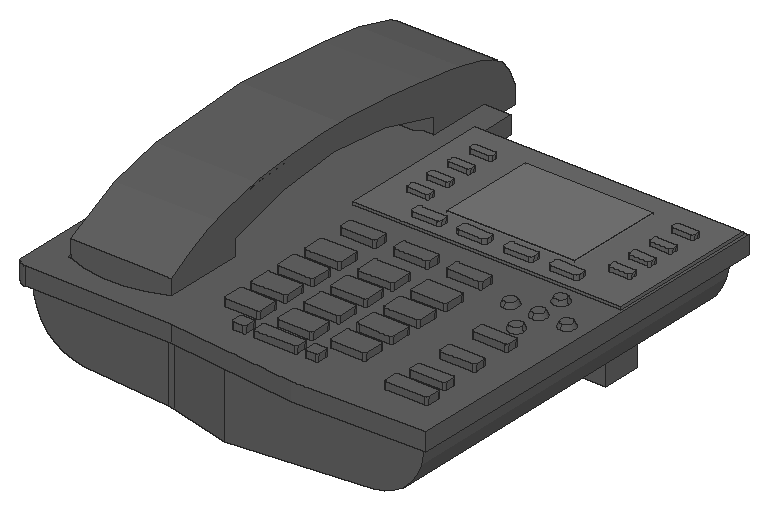
Revit family "STI-100 IP телефон_RV17_LOD400", category Телефонные устройства, Revit 2017
Family settings
  Сохранять ориентацию аннотаций = Нет
  Размер круглого соединителя = Использовать диаметр
  Тип детали = Нормальный
  На основе рабочей плоскости = Нет
  Всегда вертикально = Нет
  При загрузке вырезать с полостями = Нет
  Общий = Нет
  Точка расчета площади = Нет
Parameters (values of type "STI-100 IP телефон")
  Смещение_УГО_Y [instance] = 0 mm
  Смещение_УГО_X [instance] = 0 mm
  Сигнальные, медиа и сетевые протоколы (8) = "IP/TCP/UDP/ARP/ICMP"
  Сигнальные, медиа и сетевые протоколы (7) = "TFTP/FTP/HTTP для автоконфигурирования"
  Сигнальные, медиа и сетевые протоколы (6) = "DNS и DNS SRV"
  Сигнальные, медиа и сетевые протоколы (5) = "SNTP"
  Сигнальные, медиа и сетевые протоколы (4) = "STUN, static port mapping (для NAT traversal)"
  Сигнальные, медиа и сетевые протоколы (3) = "Назначение IP-адреса: статический IP-адрес, DHCP и РРРоЕ"
  Сигнальные, медиа и сетевые протоколы (2) = "RTP RFC 1889"
  Сигнальные, медиа и сетевые протоколы (1) = "SIP RFC 2327"
  Сигнальные, медиа и сетевые протоколы = "SIP RFC 3261"
  Сетевой интерфейс (3) = "Разъем для подключения модуля расширения"
  Сетевой интерфейс (2) = "Разъем для подключения гарнитуры"
  Сетевой интерфейс (1) = "Порт LAN 10/100Base-TX для подключения к ПК"
  Сетевой интерфейс = "Порт WAN 10/100Base-TX для подключения к сети Интернет/PoE-коммутатору"
  Раздел проекта [instance] = ""
  Раздел Спецификации [instance] = ""
  Потребляемая мощность, не более, Вт (1) = "4,3 (в режиме разговора)"
  Потребляемая мощность, не более, Вт = "1,3 (в режиме ожидания)"
  Напряжение электропитания (1) = "по кабелю Ethernet (PoE) 802.3af (класс 1)"
  Напряжение электропитания = "5В постоянного тока"
  Клавиатура (5) = "8 клавиш DSS"
  Клавиатура (4) = "4 клавиши для навигации"
  Клавиатура (2) = "4 программируемые клавиши"
  Клавиатура (1) = "11 функциональных клавиш"
  Клавиатура = "12 цифровых клавиш"
  Дополнительные функции звонков (9) = "Функция «Не беспокоить»"
  Дополнительные функции звонков (8) = "Индикация ожидания сообщения"
  Дополнительные функции звонков (7) = "Анонимный вызов / блокировка анонимного вызова"
  Дополнительные функции звонков (6) = "Трехсторонняя конференция"
  Дополнительные функции звонков (5) = "Индикация ожидания вызова"
  Дополнительные функции звонков (4) = "Ожидание вызова"
  Дополнительные функции звонков (3) = "Перевод вызова (несопровождаемый, сопровождаемый и с ранним сопровождением)"
  Дополнительные функции звонков (20) = "Action URL / Active URI"
  Дополнительные функции звонков (2) = "Перевод вызова (несопровождаемый, сопровождаемый и с ранним сопровождением)"
  Дополнительные функции звонков (19) = "Перехват вызова (Call Pickup)"
  Дополнительные функции звонков (18) = "Интерком"
  Дополнительные функции звонков (17) = "BLF/Presence"
  Дополнительные функции звонков (16) = "Горячая линия"
  Дополнительные функции звонков (15) = "Запрет определенных исходящих вызовов"
  Дополнительные функции звонков (14) = "Автоматический повторный набор номера"
  Дополнительные функции звонков (13) = "Автоматическое завершение вызова"
  Дополнительные функции звонков (12) = "Limit list"
  Дополнительные функции звонков (11) = "Черный список"
  Дополнительные функции звонков (10) = "Автоответ"
  Дополнительные функции звонков (1) = "Функция Call mute"
  Дополнительные функции звонков = "Удержание вызова / Возобновление вызова"
  Дисплей (1) = "Разрешение: 320 х 240 пикселей"
  Дисплей = "Цветной ЖК-дисплей с активной матрицей"
  Диапазон рабочих температур, °C = "от +5 до +50"
  Голосовые функции (6) = "Поддержка HD Voice"
  Голосовые функции (5) = "Маскирование потери пакетов"
  Голосовые функции (4) = "Передатчик DTMF"
  Голосовые функции (3) = "Jitter-буфер"
  Голосовые функции (2) = "Генерация фонового шума"
  Голосовые функции (1) = "Акустическое подавление эха. Обнаружение голосовой активности"
  Голосовые функции = "Подавление пауз"
  Видимость_УГО [instance] = yes
  В_Смещение_УГО_Y [instance] = Смещение_УГО_Y + 2000 mm  # 2000 mm
  В_Смещение_УГО_X [instance] = Смещение_УГО_X + 2000 mm  # 2000 mm
  Аудио кодеки (2) = "G.723.1; G.726-32; G.722"
  Аудио кодеки (1) = "G.729A/B (8 Кбит/с)"
  Аудио кодеки = "G.711a/u (64 Кбит/с)"
  d_короба = 20 mm
  QoS (1) = "Diffserv (DSCP)/ToS"
  QoS = "IEEE 802.1Q\r\nIEEE 802.1Q и IEEE 802.1p"
  ADSK_Размер_Ширина = 188 mm
  ADSK_Размер_Длина = 195 mm
  ADSK_Размер_Высота = 51 mm
  ADSK_Примечание = ""
  ADSK_Наименование = "IP телефон STI-100"
  ADSK_Масса = 0.51
  ADSK_Марка = "СТВФ.431295.005-02"
  ADSK_Количество = 1
  ADSK_Завод-изготовитель = "ООО «Основа Безопасности»"  # constant formula
  ADSK_Единица измерения = "шт."  # constant formula
  ADSK_URL страницы изделия = "https://stilsoft.ru/products/sti-100"
  ADSK_URL документации изделия = ""
Reference planes
  plane 1 "По центру (Вперед/Назад)": y = 0
  plane 2: z = 0
  plane 3 "По центру (Влево/Вправо)": x = 0
  plane 4: y = 2000
  plane 5: x = -2000
  plane 6: x = 0
  plane 7: y = 0
  plane 8: y = 195
  plane 9: z = 51
  plane 10: x = 94
  plane 11: x = -94
  plane 12 "1": z = 11
Forms (mm)
  Extrusion 1, solid, material "корпус телефона", detail levels medium+fine
    sketch origin (0, 0, 0) x (1, 0, 0) y (0, 0, 1)
      loop
        arc (-89.283, 40) -> (-83.402, 22.12) -> (-66.619, 13.598) r 24.658
        line (-66.619, 13.598) -> (-0.159, 8.772) -> (66.616, 13.626)
        arc (66.616, 13.626) -> (83.389, 22.137) -> (89.281, 40) r 24.658
        line (89.281, 40) -> (-89.283, 40)
    from -5 to -190
  Extrusion 2, solid, material "корпус телефона", detail levels medium+fine
    sketch origin (0, 0, 0) x (1, 0, 0) y (0, 1, 0)
      loop
        line (-36.5, 195) -> (-36.5, 175)
        arc (-36.5, 175) -> (-39.429, 167.929) -> (-46.5, 165) r 10
        line (-46.5, 165) -> (-71.5, 165)
        arc (-71.5, 165) -> (-78.571, 167.929) -> (-81.5, 175) r 10
        line (-81.5, 175) -> (-81.5, 195) -> (-89, 195)
        arc (-89, 195) -> (-92.536, 193.536) -> (-94, 190) r 5
        line (-94, 190) -> (-94, 10)
        arc (-94, 10) -> (-92.536, 6.464) -> (-89, 5) r 5
        line (-89, 5) -> (-24, 5)
        arc (-24, 5) -> (34.848, -1.077) -> (94, 0) r 488.795
        line (94, 0) -> (94, 180) -> (-24, 180) -> (-24, 195) -> (-36.5, 195)
    from 40 to 48
  Extrusion 3, void
    sketch origin (0, 0, 0) x (1, 0, 0) y (0, 1, 0)
      loop
        line (-94, 5) -> (-94, 0) -> (0, 0) -> (0, 5)
        arc (0, 5) -> (-13.567, 6.891) -> (-26.907, 10) r 151.538
        line (-26.907, 10) -> (-29.091, 10) -> (-94, 10) -> (-94, 5)
    from 4.486 to 40
  Extrusion 4, void
    sketch origin (0, 0, 11) x (0, -1, 0) y (1, 0, 0)
      loop
        line (-195, -29) -> (-190, -29) -> (-175, -29) -> (-175, 94) -> (-195, 94) -> (-195, -29)
    from -4.021 to 29
  Extrusion 5, void
    sketch origin (0, 0, 0) x (1, 0, 0) y (0, 0, 1)
      loop
        line (67.5, 6.077) -> (67.5, 21) -> (0, 15.095) -> (-67.5, 21) -> (-67.5, 6.077) -> (67.5, 6.077)
    from -51 to -121
  Extrusion 6, solid, material "корпус телефона", detail levels medium+fine
    sketch origin (0, 0, 11) x (0, -1, 0) y (1, 0, 0)
      loop
        line (-148.27, -69.415) -> (-131.27, -69.415) -> (-131.27, -52.415) -> (-148.27, -52.415) -> (-148.27, -69.415)
      loop
        line (-148.27, 69.415) -> (-148.27, 52.415) -> (-131.27, 52.415) -> (-131.27, 69.415) -> (-148.27, 69.415)
      loop
        line (-42.093, -71.242) -> (-32.093, -71.242) -> (-32.093, -66.242) -> (-42.093, -66.242) -> (-42.093, -71.242)
    from -11 to 13.12
  Extrusion 7, void
    sketch origin (0, 0, 11) x (0, -1, 0) y (1, 0, 0)
      loop
        line (-48.2, 0) -> (-48.2, -47.54) -> (-23.2, -47.54) -> (-23.2, 47.46) -> (-48.2, 47.46) -> (-48.2, 0)
    from -4.923 to 9.255
  Extrusion 8, void
    sketch origin (0, 0, 11) x (0, -1, 0) y (1, 0, 0)
      loop
        line (-32.709, -40.35) -> (-32.709, -38.39) -> (-31.137, -38.39) -> (-31.137, -35.438) -> (-29.489, -35.438) -> (-29.489, -33.703) -> (-29.489, -31.968) -> (-31.137, -31.968) -> (-31.137, -29.307) -> (-32.709, -29.307) -> (-32.709, -27.002) -> (-39.688, -27.002) -> (-39.688, -29.307) -> (-41.438, -29.307) -> (-41.438, -37.961) -> (-39.688, -37.961) -> (-39.688, -40.35) -> (-32.709, -40.35)
      loop
        line (-32.709, -2.072) -> (-32.709, -0.112) -> (-31.137, -0.112) -> (-31.137, 2.84) -> (-29.489, 2.84) -> (-29.489, 4.575) -> (-29.489, 6.31) -> (-31.137, 6.31) -> (-31.137, 8.971) -> (-32.709, 8.971) -> (-32.709, 11.277) -> (-39.688, 11.277) -> (-39.688, 8.971) -> (-41.438, 8.971) -> (-41.438, 0.317) -> (-39.688, 0.317) -> (-39.688, -2.072) -> (-32.709, -2.072)
      loop
        line (-32.709, 17.928) -> (-32.709, 19.888) -> (-31.137, 19.888) -> (-31.137, 22.84) -> (-29.489, 22.84) -> (-29.489, 24.575) -> (-29.489, 26.31) -> (-31.137, 26.31) -> (-31.137, 28.971) -> (-32.709, 28.971) -> (-32.709, 31.277) -> (-39.688, 31.277) -> (-39.688, 28.971) -> (-41.438, 28.971) -> (-41.438, 20.317) -> (-39.688, 20.317) -> (-39.688, 17.928) -> (-32.709, 17.928)
      loop
        circle (-35.694, -15.58) r 3.155
      loop
        circle (-35.694, -15.58) r 0.89
    from -4.923 to 13.12
  Extrusion 9, void, detail levels medium+fine
    sketch origin (0, 0, 11) x (0, -1, 0) y (1, 0, 0)
      loop
        arc (-20, -81.5) -> (-15, -59) -> (-20, -36.5) r 53.125
        spline (-20, -36.5) -> (-30.314, -36.735) -> (-39.697, -40.66) -> (-47.499, -45.349) -> (-53.027, -49.512) -> (-56.048, -53.396) -> (-56.871, -58.618) -> (-55.412, -64.031) -> (-51.582, -68.686) -> (-45.581, -73.603) -> (-38.008, -78.48) -> (-29.649, -81.793) -> (-20, -81.5)
    from 33 to 41
  Extrusion 10, solid, material "корпус телефона", detail levels medium+fine
    sketch origin (0, 5, 11) x (0, -1, 0) y (1, 0, 0)
      loop
        line (-30.295, -17.65) -> (-22.207, -17.65)
        arc (-22.207, -17.65) -> (-21.531, -17.37) -> (-21.251, -16.694) r 0.956
        line (-21.251, -16.694) -> (-21.251, -2.607)
        arc (-21.251, -2.607) -> (-21.531, -1.93) -> (-22.207, -1.65) r 0.956
        line (-22.207, -1.65) -> (-30.295, -1.65)
        arc (-30.295, -1.65) -> (-30.971, -1.93) -> (-31.251, -2.607) r 0.956
        line (-31.251, -2.607) -> (-31.251, -16.694)
        arc (-31.251, -16.694) -> (-30.971, -17.37) -> (-30.295, -17.65) r 0.956
      loop
        line (-45.295, -17.65) -> (-37.207, -17.65)
        arc (-37.207, -17.65) -> (-36.531, -17.37) -> (-36.251, -16.694) r 0.956
        line (-36.251, -16.694) -> (-36.251, -2.607)
        arc (-36.251, -2.607) -> (-36.531, -1.93) -> (-37.207, -1.65) r 0.956
        line (-37.207, -1.65) -> (-45.295, -1.65)
        arc (-45.295, -1.65) -> (-45.971, -1.93) -> (-46.251, -2.607) r 0.956
        line (-46.251, -2.607) -> (-46.251, -16.694)
        arc (-46.251, -16.694) -> (-45.971, -17.37) -> (-45.295, -17.65) r 0.956
      loop
        line (-60.295, -17.65) -> (-52.207, -17.65)
        arc (-52.207, -17.65) -> (-51.531, -17.37) -> (-51.251, -16.694) r 0.956
        line (-51.251, -16.694) -> (-51.251, -2.607)
        arc (-51.251, -2.607) -> (-51.531, -1.93) -> (-52.207, -1.65) r 0.956
        line (-52.207, -1.65) -> (-60.295, -1.65)
        arc (-60.295, -1.65) -> (-60.971, -1.93) -> (-61.251, -2.607) r 0.956
        line (-61.251, -2.607) -> (-61.251, -16.694)
        arc (-61.251, -16.694) -> (-60.971, -17.37) -> (-60.295, -17.65) r 0.956
      loop
        line (-75.295, -17.65) -> (-67.207, -17.65)
        arc (-67.207, -17.65) -> (-66.531, -17.37) -> (-66.251, -16.694) r 0.956
        line (-66.251, -16.694) -> (-66.251, -2.607)
        arc (-66.251, -2.607) -> (-66.531, -1.93) -> (-67.207, -1.65) r 0.956
        line (-67.207, -1.65) -> (-75.295, -1.65)
        arc (-75.295, -1.65) -> (-75.971, -1.93) -> (-76.251, -2.607) r 0.956
        line (-76.251, -2.607) -> (-76.251, -16.694)
        arc (-76.251, -16.694) -> (-75.971, -17.37) -> (-75.295, -17.65) r 0.956
      loop
        line (-30.295, 6.037) -> (-22.207, 6.037)
        arc (-22.207, 6.037) -> (-21.531, 6.317) -> (-21.251, 6.993) r 0.956
        line (-21.251, 6.993) -> (-21.251, 21.081)
        arc (-21.251, 21.081) -> (-21.531, 21.757) -> (-22.207, 22.037) r 0.956
        line (-22.207, 22.037) -> (-30.295, 22.037)
        arc (-30.295, 22.037) -> (-30.971, 21.757) -> (-31.251, 21.081) r 0.956
        line (-31.251, 21.081) -> (-31.251, 6.993)
        arc (-31.251, 6.993) -> (-30.971, 6.317) -> (-30.295, 6.037) r 0.956
      loop
        line (-45.295, 6.037) -> (-37.207, 6.037)
        arc (-37.207, 6.037) -> (-36.531, 6.317) -> (-36.251, 6.993) r 0.956
        line (-36.251, 6.993) -> (-36.251, 21.081)
        arc (-36.251, 21.081) -> (-36.531, 21.757) -> (-37.207, 22.037) r 0.956
        line (-37.207, 22.037) -> (-45.295, 22.037)
        arc (-45.295, 22.037) -> (-45.971, 21.757) -> (-46.251, 21.081) r 0.956
        line (-46.251, 21.081) -> (-46.251, 6.993)
        arc (-46.251, 6.993) -> (-45.971, 6.317) -> (-45.295, 6.037) r 0.956
      loop
        line (-60.295, 6.037) -> (-52.207, 6.037)
        arc (-52.207, 6.037) -> (-51.531, 6.317) -> (-51.251, 6.993) r 0.956
        line (-51.251, 6.993) -> (-51.251, 21.081)
        arc (-51.251, 21.081) -> (-51.531, 21.757) -> (-52.207, 22.037) r 0.956
        line (-52.207, 22.037) -> (-60.295, 22.037)
        arc (-60.295, 22.037) -> (-60.971, 21.757) -> (-61.251, 21.081) r 0.956
        line (-61.251, 21.081) -> (-61.251, 6.993)
        arc (-61.251, 6.993) -> (-60.971, 6.317) -> (-60.295, 6.037) r 0.956
      loop
        line (-75.295, 6.037) -> (-67.207, 6.037)
        arc (-67.207, 6.037) -> (-66.531, 6.317) -> (-66.251, 6.993) r 0.956
        line (-66.251, 6.993) -> (-66.251, 21.081)
        arc (-66.251, 21.081) -> (-66.531, 21.757) -> (-67.207, 22.037) r 0.956
        line (-67.207, 22.037) -> (-75.295, 22.037)
        arc (-75.295, 22.037) -> (-75.971, 21.757) -> (-76.251, 21.081) r 0.956
        line (-76.251, 21.081) -> (-76.251, 6.993)
        arc (-76.251, 6.993) -> (-75.971, 6.317) -> (-75.295, 6.037) r 0.956
      loop
        line (-30.295, 29.738) -> (-22.207, 29.738)
        arc (-22.207, 29.738) -> (-21.531, 30.018) -> (-21.251, 30.694) r 0.956
        line (-21.251, 30.694) -> (-21.251, 44.782)
        arc (-21.251, 44.782) -> (-21.531, 45.458) -> (-22.207, 45.738) r 0.956
        line (-22.207, 45.738) -> (-30.295, 45.738)
        arc (-30.295, 45.738) -> (-30.971, 45.458) -> (-31.251, 44.782) r 0.956
        line (-31.251, 44.782) -> (-31.251, 30.694)
        arc (-31.251, 30.694) -> (-30.971, 30.018) -> (-30.295, 29.738) r 0.956
      loop
        line (-45.295, 29.738) -> (-37.207, 29.738)
        arc (-37.207, 29.738) -> (-36.531, 30.018) -> (-36.251, 30.694) r 0.956
        line (-36.251, 30.694) -> (-36.251, 44.782)
        arc (-36.251, 44.782) -> (-36.531, 45.458) -> (-37.207, 45.738) r 0.956
        line (-37.207, 45.738) -> (-45.295, 45.738)
        arc (-45.295, 45.738) -> (-45.971, 45.458) -> (-46.251, 44.782) r 0.956
        line (-46.251, 44.782) -> (-46.251, 30.694)
        arc (-46.251, 30.694) -> (-45.971, 30.018) -> (-45.295, 29.738) r 0.956
      loop
        line (-60.295, 29.738) -> (-52.207, 29.738)
        arc (-52.207, 29.738) -> (-51.531, 30.018) -> (-51.251, 30.694) r 0.956
        line (-51.251, 30.694) -> (-51.251, 44.782)
        arc (-51.251, 44.782) -> (-51.531, 45.458) -> (-52.207, 45.738) r 0.956
        line (-52.207, 45.738) -> (-60.295, 45.738)
        arc (-60.295, 45.738) -> (-60.971, 45.458) -> (-61.251, 44.782) r 0.956
        line (-61.251, 44.782) -> (-61.251, 30.694)
        arc (-61.251, 30.694) -> (-60.971, 30.018) -> (-60.295, 29.738) r 0.956
      loop
        line (-75.295, 29.738) -> (-67.207, 29.738)
        arc (-67.207, 29.738) -> (-66.531, 30.018) -> (-66.251, 30.694) r 0.956
        line (-66.251, 30.694) -> (-66.251, 44.782)
        arc (-66.251, 44.782) -> (-66.531, 45.458) -> (-67.207, 45.738) r 0.956
        line (-67.207, 45.738) -> (-75.295, 45.738)
        arc (-75.295, 45.738) -> (-75.971, 45.458) -> (-76.251, 44.782) r 0.956
        line (-76.251, 44.782) -> (-76.251, 30.694)
        arc (-76.251, 30.694) -> (-75.971, 30.018) -> (-75.295, 29.738) r 0.956
      loop
        line (-91.548, -17.65) -> (-87.174, -17.65)
        arc (-87.174, -17.65) -> (-86.498, -17.37) -> (-86.217, -16.694) r 0.956
        line (-86.217, -16.694) -> (-86.217, -2.607)
        arc (-86.217, -2.607) -> (-86.498, -1.93) -> (-87.174, -1.65) r 0.956
        line (-87.174, -1.65) -> (-91.548, -1.65)
        arc (-91.548, -1.65) -> (-92.224, -1.93) -> (-92.504, -2.607) r 0.956
        line (-92.504, -2.607) -> (-92.504, -16.694)
        arc (-92.504, -16.694) -> (-92.224, -17.37) -> (-91.548, -17.65) r 0.956
      loop
        line (-91.548, 6.037) -> (-87.174, 6.037)
        arc (-87.174, 6.037) -> (-86.498, 6.317) -> (-86.217, 6.993) r 0.956
        line (-86.217, 6.993) -> (-86.217, 21.081)
        arc (-86.217, 21.081) -> (-86.498, 21.757) -> (-87.174, 22.037) r 0.956
        line (-87.174, 22.037) -> (-91.548, 22.037)
        arc (-91.548, 22.037) -> (-92.224, 21.757) -> (-92.504, 21.081) r 0.956
        line (-92.504, 21.081) -> (-92.504, 6.993)
        arc (-92.504, 6.993) -> (-92.224, 6.317) -> (-91.548, 6.037) r 0.956
      loop
        line (-91.548, 29.738) -> (-87.174, 29.738)
        arc (-87.174, 29.738) -> (-86.498, 30.018) -> (-86.217, 30.694) r 0.956
        line (-86.217, 30.694) -> (-86.217, 44.782)
        arc (-86.217, 44.782) -> (-86.498, 45.458) -> (-87.174, 45.738) r 0.956
        line (-87.174, 45.738) -> (-91.548, 45.738)
        arc (-91.548, 45.738) -> (-92.224, 45.458) -> (-92.504, 44.782) r 0.956
        line (-92.504, 44.782) -> (-92.504, 30.694)
        arc (-92.504, 30.694) -> (-92.224, 30.018) -> (-91.548, 29.738) r 0.956
      loop
        line (-15.036, 4.546) -> (-11.142, 4.546)
        arc (-11.142, 4.546) -> (-10.466, 4.826) -> (-10.186, 5.502) r 0.956
        line (-10.186, 5.502) -> (-10.186, 22.944)
        arc (-10.186, 22.944) -> (-10.466, 23.62) -> (-11.142, 23.9) r 0.956
        line (-11.142, 23.9) -> (-15.036, 23.9)
        arc (-15.036, 23.9) -> (-15.712, 23.62) -> (-15.992, 22.944) r 0.956
        line (-15.992, 22.944) -> (-15.992, 5.502)
        arc (-15.992, 5.502) -> (-15.712, 4.826) -> (-15.036, 4.546) r 0.956
      loop
        line (-15.036, -5.108) -> (-11.142, -5.108)
        arc (-11.142, -5.108) -> (-10.466, -4.828) -> (-10.186, -4.152) r 0.956
        line (-10.186, -4.152) -> (-10.186, 0.071)
        arc (-10.186, 0.071) -> (-10.466, 0.747) -> (-11.142, 1.027) r 0.956
        line (-11.142, 1.027) -> (-15.036, 1.027)
        arc (-15.036, 1.027) -> (-15.712, 0.747) -> (-15.992, 0.071) r 0.956
        line (-15.992, 0.071) -> (-15.992, -4.152)
        arc (-15.992, -4.152) -> (-15.712, -4.828) -> (-15.036, -5.108) r 0.956
      loop
        arc (-15.036, 33.317) -> (-15.712, 33.037) -> (-15.992, 32.361) r 0.956
        line (-15.992, 32.361) -> (-15.992, 28.375)
        arc (-15.992, 28.375) -> (-15.712, 27.699) -> (-15.036, 27.419) r 0.956
        line (-15.036, 27.419) -> (-11.142, 27.419)
        arc (-11.142, 27.419) -> (-10.466, 27.699) -> (-10.186, 28.375) r 0.956
        line (-10.186, 28.375) -> (-10.186, 32.361)
        arc (-10.186, 32.361) -> (-10.466, 33.037) -> (-11.142, 33.317) r 0.956
        line (-11.142, 33.317) -> (-15.036, 33.317)
      loop
        line (-16.326, 63.058) -> (-11.142, 63.058)
        arc (-11.142, 63.058) -> (-10.466, 63.338) -> (-10.186, 64.014) r 0.956
        line (-10.186, 64.014) -> (-10.186, 81.455)
        arc (-10.186, 81.455) -> (-10.466, 82.131) -> (-11.142, 82.411) r 0.956
        line (-11.142, 82.411) -> (-16.326, 82.411)
        arc (-16.326, 82.411) -> (-17.002, 82.131) -> (-17.282, 81.455) r 0.956
        line (-17.282, 81.455) -> (-17.282, 64.014)
        arc (-17.282, 64.014) -> (-17.002, 63.338) -> (-16.326, 63.058) r 0.956
      loop
        arc (-27.001, 80.617) -> (-27.677, 80.337) -> (-27.957, 79.661) r 0.956
        line (-27.957, 79.661) -> (-27.957, 65.44)
        arc (-27.957, 65.44) -> (-27.677, 64.764) -> (-27.001, 64.484) r 0.956
        line (-27.001, 64.484) -> (-23.107, 64.484)
        arc (-23.107, 64.484) -> (-22.431, 64.764) -> (-22.151, 65.44) r 0.956
        line (-22.151, 65.44) -> (-22.151, 79.661)
        arc (-22.151, 79.661) -> (-22.431, 80.337) -> (-23.107, 80.617) r 0.956
        line (-23.107, 80.617) -> (-27.001, 80.617)
      loop
        arc (-43.928, 80.617) -> (-44.604, 80.337) -> (-44.885, 79.661) r 0.956
        line (-44.885, 79.661) -> (-44.885, 65.44)
        arc (-44.885, 65.44) -> (-44.604, 64.764) -> (-43.928, 64.484) r 0.956
        line (-43.928, 64.484) -> (-40.034, 64.484)
        arc (-40.034, 64.484) -> (-39.358, 64.764) -> (-39.078, 65.44) r 0.956
        line (-39.078, 65.44) -> (-39.078, 79.661)
        arc (-39.078, 79.661) -> (-39.358, 80.337) -> (-40.034, 80.617) r 0.956
        line (-40.034, 80.617) -> (-43.928, 80.617)
      loop
        arc (-62.001, 80.617) -> (-62.677, 80.337) -> (-62.957, 79.661) r 0.956
        line (-62.957, 79.661) -> (-62.957, 65.44)
        arc (-62.957, 65.44) -> (-62.677, 64.764) -> (-62.001, 64.484) r 0.956
        line (-62.001, 64.484) -> (-58.107, 64.484)
        arc (-58.107, 64.484) -> (-57.431, 64.764) -> (-57.151, 65.44) r 0.956
        line (-57.151, 65.44) -> (-57.151, 79.661)
        arc (-57.151, 79.661) -> (-57.431, 80.337) -> (-58.107, 80.617) r 0.956
        line (-58.107, 80.617) -> (-62.001, 80.617)
    from 37 to 40
  Extrusion 11, solid, material "корпус телефона(1)", detail levels medium+fine
    sketch origin (0, 0, 11) x (0, -1, 0) y (1, 0, 0)
      loop
        line (-178.762, -27.457) -> (-110.762, -27.457) -> (-110.762, 92.543) -> (-178.762, 92.543) -> (-178.762, -27.457)
    from 37 to 38.087
  Extrusion 12, solid, material "Стекло", detail levels medium+fine
    sketch origin (0, 0, 11) x (0, -1, 0) y (1, 0, 0)
      loop
        line (-169.248, 3.191) -> (-125.248, 3.191) -> (-125.248, 60.191) -> (-169.248, 60.191) -> (-169.248, 3.191)
    from 37 to 38.829
  Extrusion 13, solid, material "корпус телефона(1)", detail levels medium+fine
    sketch origin (0, 0, 11) x (0, -1, 0) y (1, 0, 0)
      loop
        arc (-166.869, -16.654) -> (-166.58, -17.351) -> (-165.883, -17.64) r 0.986
        line (-165.883, -17.64) -> (-164.09, -17.64)
        arc (-164.09, -17.64) -> (-163.393, -17.351) -> (-163.105, -16.654) r 0.986
        line (-163.105, -16.654) -> (-163.105, -8.626)
        arc (-163.105, -8.626) -> (-163.393, -7.929) -> (-164.09, -7.64) r 0.986
        line (-164.09, -7.64) -> (-165.883, -7.64)
        arc (-165.883, -7.64) -> (-166.58, -7.929) -> (-166.869, -8.626) r 0.986
        line (-166.869, -8.626) -> (-166.869, -16.654)
      loop
        arc (-131.869, -16.654) -> (-131.58, -17.351) -> (-130.883, -17.64) r 0.986
        line (-130.883, -17.64) -> (-129.09, -17.64)
        arc (-129.09, -17.64) -> (-128.393, -17.351) -> (-128.105, -16.654) r 0.986
        line (-128.105, -16.654) -> (-128.105, -8.626)
        arc (-128.105, -8.626) -> (-128.393, -7.929) -> (-129.09, -7.64) r 0.986
        line (-129.09, -7.64) -> (-130.883, -7.64)
        arc (-130.883, -7.64) -> (-131.58, -7.929) -> (-131.869, -8.626) r 0.986
        line (-131.869, -8.626) -> (-131.869, -16.654)
      loop
        arc (-142.93, -16.654) -> (-142.641, -17.351) -> (-141.944, -17.64) r 0.986
        line (-141.944, -17.64) -> (-140.151, -17.64)
        arc (-140.151, -17.64) -> (-139.454, -17.351) -> (-139.165, -16.654) r 0.986
        line (-139.165, -16.654) -> (-139.165, -8.626)
        arc (-139.165, -8.626) -> (-139.454, -7.929) -> (-140.151, -7.64) r 0.986
        line (-140.151, -7.64) -> (-141.944, -7.64)
        arc (-141.944, -7.64) -> (-142.641, -7.929) -> (-142.93, -8.626) r 0.986
        line (-142.93, -8.626) -> (-142.93, -16.654)
      loop
        arc (-154.707, -16.654) -> (-154.418, -17.351) -> (-153.721, -17.64) r 0.986
        line (-153.721, -17.64) -> (-151.928, -17.64)
        arc (-151.928, -17.64) -> (-151.231, -17.351) -> (-150.943, -16.654) r 0.986
        line (-150.943, -16.654) -> (-150.943, -8.626)
        arc (-150.943, -8.626) -> (-151.231, -7.929) -> (-151.928, -7.64) r 0.986
        line (-151.928, -7.64) -> (-153.721, -7.64)
        arc (-153.721, -7.64) -> (-154.418, -7.929) -> (-154.707, -8.626) r 0.986
        line (-154.707, -8.626) -> (-154.707, -16.654)
      loop
        line (-166.869, 81.74) -> (-166.869, 73.712)
        arc (-166.869, 73.712) -> (-166.58, 73.015) -> (-165.883, 72.726) r 0.986
        line (-165.883, 72.726) -> (-164.09, 72.726)
        arc (-164.09, 72.726) -> (-163.393, 73.015) -> (-163.105, 73.712) r 0.986
        line (-163.105, 73.712) -> (-163.105, 81.74)
        arc (-163.105, 81.74) -> (-163.393, 82.437) -> (-164.09, 82.726) r 0.986
        line (-164.09, 82.726) -> (-165.883, 82.726)
        arc (-165.883, 82.726) -> (-166.58, 82.437) -> (-166.869, 81.74) r 0.986
      loop
        line (-131.869, 81.74) -> (-131.869, 73.712)
        arc (-131.869, 73.712) -> (-131.58, 73.015) -> (-130.883, 72.726) r 0.986
        line (-130.883, 72.726) -> (-129.09, 72.726)
        arc (-129.09, 72.726) -> (-128.393, 73.015) -> (-128.105, 73.712) r 0.986
        line (-128.105, 73.712) -> (-128.105, 81.74)
        arc (-128.105, 81.74) -> (-128.393, 82.437) -> (-129.09, 82.726) r 0.986
        line (-129.09, 82.726) -> (-130.883, 82.726)
        arc (-130.883, 82.726) -> (-131.58, 82.437) -> (-131.869, 81.74) r 0.986
      loop
        line (-142.93, 81.74) -> (-142.93, 73.712)
        arc (-142.93, 73.712) -> (-142.641, 73.015) -> (-141.944, 72.726) r 0.986
        line (-141.944, 72.726) -> (-140.151, 72.726)
        arc (-140.151, 72.726) -> (-139.454, 73.015) -> (-139.165, 73.712) r 0.986
        line (-139.165, 73.712) -> (-139.165, 81.74)
        arc (-139.165, 81.74) -> (-139.454, 82.437) -> (-140.151, 82.726) r 0.986
        line (-140.151, 82.726) -> (-141.944, 82.726)
        arc (-141.944, 82.726) -> (-142.641, 82.437) -> (-142.93, 81.74) r 0.986
      loop
        line (-154.707, 81.74) -> (-154.707, 73.712)
        arc (-154.707, 73.712) -> (-154.418, 73.015) -> (-153.721, 72.726) r 0.986
        line (-153.721, 72.726) -> (-151.928, 72.726)
        arc (-151.928, 72.726) -> (-151.231, 73.015) -> (-150.943, 73.712) r 0.986
        line (-150.943, 73.712) -> (-150.943, 81.74)
        arc (-150.943, 81.74) -> (-151.231, 82.437) -> (-151.928, 82.726) r 0.986
        line (-151.928, 82.726) -> (-153.721, 82.726)
        arc (-153.721, 82.726) -> (-154.418, 82.437) -> (-154.707, 81.74) r 0.986
      loop
        arc (-120.6, -4.316) -> (-120.221, -5.231) -> (-119.306, -5.61) r 1.294
        line (-119.306, -5.61) -> (-116.952, -5.61)
        arc (-116.952, -5.61) -> (-116.037, -5.231) -> (-115.658, -4.316) r 1.294
        line (-115.658, -4.316) -> (-115.658, 6.223)
        arc (-115.658, 6.223) -> (-116.037, 7.137) -> (-116.952, 7.516) r 1.294
        line (-116.952, 7.516) -> (-119.306, 7.516)
        arc (-119.306, 7.516) -> (-120.221, 7.137) -> (-120.6, 6.223) r 1.294
        line (-120.6, 6.223) -> (-120.6, -4.316)
      loop
        arc (-120.6, 16.01) -> (-120.221, 15.095) -> (-119.306, 14.716) r 1.294
        line (-119.306, 14.716) -> (-116.952, 14.716)
        arc (-116.952, 14.716) -> (-116.037, 15.095) -> (-115.658, 16.01) r 1.294
        line (-115.658, 16.01) -> (-115.658, 26.549)
        arc (-115.658, 26.549) -> (-116.037, 27.464) -> (-116.952, 27.843) r 1.294
        line (-116.952, 27.843) -> (-119.306, 27.843)
        arc (-119.306, 27.843) -> (-120.221, 27.464) -> (-120.6, 26.549) r 1.294
        line (-120.6, 26.549) -> (-120.6, 16.01)
      loop
        line (-120.6, 67.698) -> (-120.6, 57.159)
        arc (-120.6, 57.159) -> (-120.221, 56.244) -> (-119.306, 55.865) r 1.294
        line (-119.306, 55.865) -> (-116.952, 55.865)
        arc (-116.952, 55.865) -> (-116.037, 56.244) -> (-115.658, 57.159) r 1.294
        line (-115.658, 57.159) -> (-115.658, 67.698)
        arc (-115.658, 67.698) -> (-116.037, 68.613) -> (-116.952, 68.991) r 1.294
        line (-116.952, 68.991) -> (-119.306, 68.991)
        arc (-119.306, 68.991) -> (-120.221, 68.613) -> (-120.6, 67.698) r 1.294
      loop
        line (-120.6, 47.371) -> (-120.6, 36.832)
        arc (-120.6, 36.832) -> (-120.221, 35.917) -> (-119.306, 35.538) r 1.294
        line (-119.306, 35.538) -> (-116.952, 35.538)
        arc (-116.952, 35.538) -> (-116.037, 35.917) -> (-115.658, 36.832) r 1.294
        line (-115.658, 36.832) -> (-115.658, 47.371)
        arc (-115.658, 47.371) -> (-116.037, 48.286) -> (-116.952, 48.665) r 1.294
        line (-116.952, 48.665) -> (-119.306, 48.665)
        arc (-119.306, 48.665) -> (-120.221, 48.286) -> (-120.6, 47.371) r 1.294
    from 37 to 40
  Extrusion 14, solid, material "корпус телефона", detail levels medium+fine
    sketch origin (0, 0, 0) x (0, 1, 0) y (0, 0, 1)
      loop
        line (167.421, 40) -> (212.421, 40) -> (212.421, 48)
        spline (212.421, 48) -> (205.485, 60.349) -> (193.414, 66.051) -> (176.933, 69.58) -> (159.491, 71.964) -> (143.483, 73.774) -> (128.331, 74.998) -> (113.021, 75.538) -> (96.793, 75.244) -> (79.518, 73.828) -> (61.162, 70.964) -> (41.676, 65.374) -> (20.992, 54.476)
        line (20.992, 54.476) -> (20.992, 40) -> (56.198, 40) -> (56.198, 55)
        arc (56.198, 55) -> (111.81, 65.224) -> (167.421, 55) r 156.363
        line (167.421, 55) -> (167.421, 40)
    from -81.5 to -36.5
  Blend 15, solid, material "корпус телефона", detail levels medium+fine
    base sketch origin (2.914, 0, 11) x (0, -1, 0) y (1, 0, 0)
      loop
        circle (-89.71, 69.621) r 3.467
    top sketch origin (2.914, 0, 11) x (0, -1, 0) y (1, 0, 0)
      loop
        circle (-89.71, 69.621) r 2.599
    from 37 to 38.829
  Blend 16, solid, material "корпус телефона", detail levels medium+fine
    base sketch origin (15.523, 0, 11) x (0, -1, 0) y (1, 0, 0)
      loop
        circle (-89.71, 69.621) r 3.467
    top sketch origin (15.523, 0, 11) x (0, -1, 0) y (1, 0, 0)
      loop
        circle (-89.71, 69.621) r 2.599
    from 37 to 38.829
  Blend 17, solid, material "корпус телефона", detail levels medium+fine
    base sketch origin (-16.558, 31.783, 11) x (-0.999958, -0.009195, 0) y (0.009195, -0.999958, 0)
      loop
        circle (-89.71, -69.621) r 3.467
    top sketch origin (-16.558, 31.783, 11) x (-0.999958, -0.009195, 0) y (0.009195, -0.999958, 0)
      loop
        circle (-89.71, -69.621) r 2.599
    from 37 to 38.829
  Blend 18, solid, material "корпус телефона", detail levels medium+fine
    base sketch origin (-16.558, 147.638, 11) x (-0.999958, 0.009195, 0) y (-0.009195, -0.999958, 0)
      loop
        circle (-89.71, 69.621) r 3.467
    top sketch origin (-16.558, 147.638, 11) x (-0.999958, 0.009195, 0) y (-0.009195, -0.999958, 0)
      loop
        circle (-89.71, 69.621) r 2.599
    from 37 to 38.829
  Blend 19, solid, material "корпус телефона", detail levels medium+fine
    base sketch origin (129.546, 0, 11) x (0, -1, 0) y (1, 0, 0)
      loop
        circle (-89.71, -69.621) r 3.467
    top sketch origin (129.546, 0, 11) x (0, -1, 0) y (1, 0, 0)
      loop
        circle (-89.71, -69.621) r 2.599
    from 37 to 38.829
Cuts and joins
  Extrusion 3, Extrusion 4, Extrusion 5, Extrusion 7, Extrusion 8 cuts Extrusion 1
  Extrusion 7 cuts Extrusion 6
  joined: Extrusion 1, Extrusion 6
  Extrusion 4, Extrusion 9 cuts Extrusion 2
  joined: Extrusion 11, Extrusion 13
Dimensions and locks
  locked: plane 4 to plane 1 "По центру (Вперед/Назад)" at 2000
  locked: plane 5 to plane 3 "По центру (Влево/Вправо)" at 2000
  "В_Смещение_УГО_X": plane 5 to plane 6
  "В_Смещение_УГО_Y": plane 4 to plane 7
  "ADSK_Размер_Ширина": plane 11 to plane 10
  "ADSK_Размер_Длина": plane 8 to plane 1 "По центру (Вперед/Назад)"
  "ADSK_Размер_Высота": plane 9 to level
  aligned and locked: level to plane 2
  aligned and locked: nested 1 to plane 7
  aligned and locked: plane 6 to nested 1
Automatic sketch dimensions
  Extrusion 1 sketch curve to plane 3 "По центру (Влево/Вправо)" = 0.159 mm
  plane 12 "1" to Extrusion 1 sketch curve = 2.228 mm
  Extrusion 1 sketch curve to plane 11 = 29.307 mm
  Extrusion 1 sketch curve to plane 12 "1" = 2.598 mm
  Extrusion 1 sketch curve to Extrusion 1 sketch curve = 1.926 mm
  Extrusion 1 sketch curve to plane 10 = 29.311 mm
  Extrusion 1 sketch curve to plane 12 "1" = 2.626 mm
  Extrusion 1 sketch curve to Extrusion 1 sketch curve = 1.927 mm
  Extrusion 2 sketch curve to plane 11 = 0 mm
  Extrusion 2 sketch curve to plane 8 = 0 mm  (x2)
  plane 1 "По центру (Вперед/Назад)" to Extrusion 2 sketch curve = 0 mm
  Extrusion 2 sketch curve to plane 10 = 0 mm
  Extrusion 2 sketch curve to plane 11 = 5 mm
  Extrusion 2 sketch curve to Extrusion 2 sketch curve = 5 mm  (x2)
  Extrusion 2 sketch curve to Extrusion 2 sketch curve = 7.5 mm
  Extrusion 2 sketch curve to Extrusion 2 sketch curve = 10 mm  (x2)
  Extrusion 2 sketch curve to Extrusion 2 sketch curve = 25 mm
  Extrusion 2 sketch curve to Extrusion 2 sketch curve = 12.5 mm
  Extrusion 2 sketch curve to plane 3 "По центру (Влево/Вправо)" = 24 mm
  Extrusion 2 sketch curve to plane 10 = 38.458 mm
  Extrusion 2 sketch curve to plane 1 "По центру (Вперед/Назад)" = 5 mm
  Extrusion 2 sketch curve to plane 8 = 30 mm
  Extrusion 3 sketch curve to plane 11 = 0 mm
  plane 1 "По центру (Вперед/Назад)" to Extrusion 3 sketch curve = 0 mm
  Extrusion 3 sketch curve to plane 3 "По центру (Влево/Вправо)" = 0 mm
  Extrusion 3 sketch curve to plane 1 "По центру (Вперед/Назад)" = 10 mm
  Extrusion 3 sketch curve to plane 3 "По центру (Влево/Вправо)" = 29.091 mm
  Extrusion 3 sketch curve to Extrusion 3 sketch curve = 2.184 mm
  plane 3 "По центру (Влево/Вправо)" to Extrusion 3 sketch curve = 14.119 mm
  Extrusion 3 sketch curve to Extrusion 3 sketch curve = 5 mm
  Extrusion 3 sketch curve to plane 1 "По центру (Вперед/Назад)" = 5 mm
  Extrusion 4 sketch curve to plane 8 = 0 mm
  Extrusion 4 sketch curve to plane 10 = 0 mm
  Extrusion 4 sketch curve to Extrusion 4 sketch curve = 5 mm
  Extrusion 4 sketch curve to Extrusion 4 sketch curve = 20 mm
  Extrusion 4 sketch curve to plane 3 "По центру (Влево/Вправо)" = 29 mm
  Extrusion 5 sketch curve to plane 3 "По центру (Влево/Вправо)" = 0 mm
  Extrusion 5 sketch curve to plane 12 "1" = 10 mm  (x2)
  Extrusion 5 sketch curve to plane 11 = 26.5 mm
  plane 12 "1" to Extrusion 5 sketch curve = 4.923 mm
  Extrusion 5 sketch curve to plane 10 = 26.5 mm
  Extrusion 5 sketch curve to plane 12 "1" = 4.095 mm
  Extrusion 6 sketch curve to plane 8 = 46.73 mm  (x2)
  Extrusion 6 sketch curve to Extrusion 6 sketch curve = 17 mm  (x4)
  Extrusion 6 sketch curve to plane 1 "По центру (Вперед/Назад)" = 42.093 mm
  Extrusion 6 sketch curve to Extrusion 6 sketch curve = 10 mm
  Extrusion 6 sketch curve to plane 11 = 22.758 mm
  Extrusion 6 sketch curve to plane 11 = 24.585 mm
  Extrusion 6 sketch curve to Extrusion 6 sketch curve = 5 mm
  Extrusion 6 sketch curve to plane 10 = 41.585 mm
  Extrusion 7 sketch curve to plane 3 "По центру (Влево/Вправо)" = 0 mm
  Extrusion 7 sketch curve to plane 1 "По центру (Вперед/Назад)" = 48.2 mm
  Extrusion 7 sketch curve to plane 1 "По центру (Вперед/Назад)" = 23.2 mm
  Extrusion 7 sketch curve to plane 11 = 46.46 mm
  Extrusion 7 sketch curve to plane 10 = 46.54 mm
  Extrusion 8 sketch curve to Extrusion 8 sketch curve = 0 mm  (x6)
  Extrusion 8 sketch curve to plane 1 "По центру (Вперед/Назад)" = 41.438 mm
  plane 3 "По центру (Влево/Вправо)" to Extrusion 8 sketch curve = 0.317 mm
  Extrusion 8 sketch curve to Extrusion 8 sketch curve = 1.75 mm  (x6)
  Extrusion 8 sketch curve to Extrusion 8 sketch curve = 3.993 mm
  Extrusion 8 sketch curve to Extrusion 8 sketch curve = 6.978 mm  (x5)
  Extrusion 8 sketch curve to plane 3 "По центру (Влево/Вправо)" = 2.072 mm
  Extrusion 8 sketch curve to Extrusion 8 sketch curve = 1.573 mm  (x6)
  Extrusion 8 sketch curve to Extrusion 8 sketch curve = 1.648 mm  (x3)
  Extrusion 8 sketch curve to Extrusion 8 sketch curve = 13.509 mm
  Extrusion 8 sketch curve to Extrusion 8 sketch curve = 11.421 mm
  Extrusion 8 sketch curve to Extrusion 8 sketch curve = 2.305 mm  (x4)
  Extrusion 8 sketch curve to Extrusion 8 sketch curve = 2.661 mm  (x3)
  Extrusion 8 sketch curve to Extrusion 8 sketch curve = 1.735 mm  (x6)
  Extrusion 8 sketch curve to Extrusion 8 sketch curve = 8.654 mm  (x2)
  Extrusion 8 sketch curve to Extrusion 8 sketch curve = 2.952 mm  (x2)
  Extrusion 8 sketch curve to Extrusion 8 sketch curve = 1.96 mm  (x2)
  Extrusion 8 sketch curve to plane 3 "По центру (Влево/Вправо)" = 0.112 mm
  plane 3 "По центру (Влево/Вправо)" to Extrusion 8 sketch curve = 2.84 mm
  Extrusion 8 sketch curve to Extrusion 8 sketch curve = 6.652 mm
  Extrusion 8 sketch curve to Extrusion 8 sketch curve = 2.389 mm
  Extrusion 9 sketch curve to plane 1 "По центру (Вперед/Назад)" = 68.125 mm
  Extrusion 9 sketch curve to plane 1 "По центру (Вперед/Назад)" = 20 mm
  Extrusion 9 sketch curve to plane 11 = 12.5 mm
  Extrusion 9 sketch curve to plane 11 = 35 mm
  plane 3 "По центру (Влево/Вправо)" to Extrusion 10 sketch curve = 21.081 mm
  Extrusion 10 sketch curve to plane 8 = 97.496 mm
  Extrusion 10 sketch curve to Extrusion 10 sketch curve = 0 mm  (x17)
  Extrusion 10 sketch curve to Extrusion 10 sketch curve = 0.956 mm  (x69)
  Extrusion 10 sketch curve to Extrusion 10 sketch curve = 4.375 mm  (x6)
  Extrusion 10 sketch curve to Extrusion 10 sketch curve = 9.966 mm  (x2)
  Extrusion 10 sketch curve to plane 3 "По центру (Влево/Вправо)" = 2.607 mm  (x6)
  Extrusion 10 sketch curve to Extrusion 10 sketch curve = 8.088 mm  (x20)
  Extrusion 10 sketch curve to Extrusion 10 sketch curve = 4.25 mm
  Extrusion 10 sketch curve to Extrusion 10 sketch curve = 5 mm  (x9)
  Extrusion 10 sketch curve to Extrusion 10 sketch curve = 3.895 mm  (x11)
  Extrusion 10 sketch curve to Extrusion 10 sketch curve = 12.266 mm
  Extrusion 10 sketch curve to Extrusion 10 sketch curve = 11.12 mm
  Extrusion 10 sketch curve to Extrusion 10 sketch curve = 4.869 mm
  Extrusion 10 sketch curve to Extrusion 10 sketch curve = 5.259 mm
  plane 3 "По центру (Влево/Вправо)" to Extrusion 10 sketch curve = 0.071 mm  (x2)
  Extrusion 10 sketch curve to Extrusion 10 sketch curve = 5.184 mm  (x2)
  Extrusion 10 sketch curve to plane 3 "По центру (Влево/Вправо)" = 4.152 mm
  Extrusion 10 sketch curve to Extrusion 10 sketch curve = 14.088 mm  (x4)
  Extrusion 10 sketch curve to Extrusion 10 sketch curve = 11.586 mm
  Extrusion 10 sketch curve to plane 3 "По центру (Влево/Вправо)" = 16.694 mm
  Extrusion 10 sketch curve to Extrusion 10 sketch curve = 3.519 mm  (x2)
  plane 3 "По центру (Влево/Вправо)" to Extrusion 10 sketch curve = 6.037 mm  (x4)
  Extrusion 10 sketch curve to Extrusion 10 sketch curve = 1.862 mm
  Extrusion 10 sketch curve to Extrusion 10 sketch curve = 7.701 mm  (x2)
  Extrusion 10 sketch curve to Extrusion 10 sketch curve = 1.363 mm
  Extrusion 10 sketch curve to Extrusion 10 sketch curve = 3.986 mm
  Extrusion 10 sketch curve to Extrusion 10 sketch curve = 17.32 mm
  Extrusion 10 sketch curve to Extrusion 10 sketch curve = 18.746 mm
  Extrusion 10 sketch curve to Extrusion 10 sketch curve = 0.47 mm
  Extrusion 10 sketch curve to Extrusion 10 sketch curve = 14.22 mm  (x3)
  Extrusion 10 sketch curve to Extrusion 10 sketch curve = 1.795 mm
  Extrusion 11 sketch curve to plane 10 = 1.457 mm
  Extrusion 11 sketch curve to plane 8 = 16.238 mm
  Extrusion 11 sketch curve to plane 3 "По центру (Влево/Вправо)" = 27.457 mm
  Extrusion 11 sketch curve to Extrusion 11 sketch curve = 68 mm
  Extrusion 12 sketch curve to plane 8 = 25.752 mm
  plane 3 "По центру (Влево/Вправо)" to Extrusion 12 sketch curve = 3.191 mm
  Extrusion 12 sketch curve to Extrusion 12 sketch curve = 44 mm
  Extrusion 12 sketch curve to plane 10 = 33.809 mm
  Extrusion 13 sketch curve to plane 3 "По центру (Влево/Вправо)" = 16.654 mm
  Extrusion 13 sketch curve to plane 8 = 28.131 mm  (x2)
  Extrusion 13 sketch curve to plane 10 = 12.26 mm
  Extrusion 13 sketch curve to Extrusion 13 sketch curve = 0.986 mm  (x29)
  Extrusion 13 sketch curve to Extrusion 13 sketch curve = 1.793 mm  (x16)
  Extrusion 13 sketch curve to Extrusion 13 sketch curve = 8.398 mm  (x2)
  Extrusion 13 sketch curve to Extrusion 13 sketch curve = 8.013 mm  (x2)
  Extrusion 13 sketch curve to Extrusion 13 sketch curve = 7.296 mm  (x2)
  Extrusion 13 sketch curve to plane 3 "По центру (Влево/Вправо)" = 4.316 mm
  Extrusion 13 sketch curve to Extrusion 13 sketch curve = 7.505 mm
  Extrusion 13 sketch curve to Extrusion 13 sketch curve = 0 mm  (x3)
  Extrusion 13 sketch curve to Extrusion 13 sketch curve = 1.294 mm  (x12)
  Extrusion 13 sketch curve to Extrusion 13 sketch curve = 2.354 mm  (x8)
  Extrusion 13 sketch curve to Extrusion 13 sketch curve = 8.029 mm  (x7)
  plane 3 "По центру (Влево/Вправо)" to Extrusion 13 sketch curve = 6.223 mm
  Extrusion 13 sketch curve to Extrusion 13 sketch curve = 7.2 mm  (x2)
  Extrusion 13 sketch curve to Extrusion 13 sketch curve = 10.539 mm  (x3)
  Extrusion 13 sketch curve to Extrusion 13 sketch curve = 7.695 mm
  Extrusion 13 sketch curve to plane 10 = 21.274 mm
  Extrusion 13 sketch curve to Extrusion 13 sketch curve = 9.014 mm
  Extrusion 14 sketch curve to plane 1 "По центру (Вперед/Назад)" = 20.992 mm
  Extrusion 14 sketch curve to Extrusion 14 sketch curve = 35.205 mm
  Extrusion 14 sketch curve to plane 8 = 83.19 mm
  Extrusion 14 sketch curve to plane 8 = 27.579 mm
  plane 8 to Extrusion 14 sketch curve = 17.421 mm
  Extrusion 14 sketch curve to level = 91.14 mm
  plane 9 to Extrusion 14 sketch curve = 3.476 mm
  plane 9 to Extrusion 14 sketch curve = 4 mm
  Blend 15 sketch curve to plane 10 = 21.465 mm  (x2)
  Blend 15 sketch curve to plane 1 "По центру (Вперед/Назад)" = 89.71 mm  (x2)
  Blend 16 sketch curve to plane 10 = 8.855 mm  (x2)
  Blend 16 sketch curve to plane 1 "По центру (Вперед/Назад)" = 89.71 mm  (x2)
  plane 10 to Blend 17 sketch curve = 21.492 mm  (x2)
  plane 8 to Blend 17 sketch curve = 92.774 mm  (x2)
  Blend 18 sketch curve to plane 10 = 21.492 mm  (x2)
  Blend 18 sketch curve to plane 1 "По центру (Вперед/Назад)" = 77.195 mm  (x2)
  plane 10 to Blend 19 sketch curve = 34.075 mm  (x2)
  plane 1 "По центру (Вперед/Назад)" to Blend 19 sketch curve = 89.71 mm  (x2)
  Extrusion 14 sketch curve to plane 9 = 3 mm
  Extrusion 1 sketch curve to plane 11 = 4.717 mm
  Extrusion 1 sketch curve to plane 10 = 4.719 mm
  Extrusion 1 sketch curve to Extrusion 1 sketch curve = 24.582 mm
  Extrusion 14 sketch curve to Extrusion 14 sketch curve = 8 mm
  Extrusion 14 sketch curve to plane 9 = 11 mm
  radius of Extrusion 8 sketch curve = 3.155 mm
  radius of Extrusion 8 sketch curve = 0.89 mm
  radius of Blend 15 sketch curve = 3.467 mm
  radius of Blend 15 sketch curve = 2.599 mm
  radius of Blend 16 sketch curve = 3.467 mm
  radius of Blend 16 sketch curve = 2.599 mm
  radius of Blend 17 sketch curve = 3.467 mm
  radius of Blend 17 sketch curve = 2.599 mm
  radius of Blend 18 sketch curve = 3.467 mm
  radius of Blend 18 sketch curve = 2.599 mm
  radius of Blend 19 sketch curve = 3.467 mm
  radius of Blend 19 sketch curve = 2.599 mm
Nested families
  nested 1: "УГО_IP телефон" at (0, 0, 0), visible <- "Видимость_УГО", type "IP-телефон", detail levels coarse
Connectors
  electrical at (4.564, 34.44, 24.12)
    settings: on cut or joined group of Extrusion 1, Extrusion 3, Extrusion 4, Extrusion 5, Extrusion 6, Extrusion 7, Extrusion 8, index 1, voltage 0 V, apparent load 0 VA, apparent load phase1 0 VA, apparent load phase2 0 VA, apparent load phase3 0 VA, power factor 1, load classification "Прочее", number of poles 1, system type 31, power factor state 1, is connector primary yes, connector utility no, sub classification motor no, connector description ""
  cabletrayconduit at (4.564, 34.44, 24.12), diameter 20, driven by "d_короба"
    settings: on cut or joined group of Extrusion 1, Extrusion 3, Extrusion 4, Extrusion 5, Extrusion 6, Extrusion 7, Extrusion 8, index 2, connector width 300 mm, connector height 300 mm, connector angle 0.00°, system type 32, placement type 0, profile type 0, connector reference index -1, is primary connector yes, connector utility param no, connector description ""
Definition of nested family "УГО_IP телефон"
  Reference planes
    plane 1: y = 0
    plane 2: x = 0
  Lines and regions (mm)
    detail lines
      curve 1: line (0, 0, 0) -> (8.612, 0, 0)
      curve 2: line (8.612, 0, 0) -> (8.612, -23.613, 0)
      curve 3: line (8.612, -23.613, 0) -> (-10, -23.613, 0)
      curve 4: line (-10, -23.613, 0) -> (-10, 0, 0)
      curve 5: line (-10, 0, 0) -> (0, 0, 0)
      curve 6: line (-9.088, -0.99, 0) -> (-2.356, -0.99, 0)
      curve 7: line (-9.088, -22.08, 0) -> (-9.088, -0.99, 0)
      curve 8: line (-2.356, -22.08, 0) -> (-9.088, -22.08, 0)
      curve 9: line (-2.356, -0.99, 0) -> (-2.356, -22.08, 0)
      curve 10: line (-0.82, -1.962, 0) -> (7.321, -1.962, 0)
      curve 11: line (-0.82, -9.305, 0) -> (-0.82, -1.962, 0)
      curve 12: line (7.321, -9.305, 0) -> (-0.82, -9.305, 0)
      curve 13: line (7.321, -1.962, 0) -> (7.321, -9.305, 0)
      curve 14: circle (-0.015, -11.203, 0) r 0.878 normal (0, 0, 1)
      curve 15: circle (6.877, -11.203, 0) r 0.878 normal (0, 0, 1)
      curve 16: circle (2.283, -11.203, 0) r 0.878 normal (0, 0, 1)
      curve 17: circle (4.58, -11.203, 0) r 0.878 normal (0, 0, 1)
      curve 18: circle (-0.015, -20.232, 0) r 0.878 normal (0, 0, 1)
      curve 19: circle (6.877, -20.232, 0) r 0.878 normal (0, 0, 1)
      curve 20: circle (2.283, -20.232, 0) r 0.878 normal (0, 0, 1)
      curve 21: circle (4.58, -20.232, 0) r 0.878 normal (0, 0, 1)
      curve 22: circle (-0.015, -14.213, 0) r 0.878 normal (0, 0, 1)
      curve 23: circle (6.877, -14.213, 0) r 0.878 normal (0, 0, 1)
      curve 24: circle (2.283, -14.213, 0) r 0.878 normal (0, 0, 1)
      curve 25: circle (4.58, -14.213, 0) r 0.878 normal (0, 0, 1)
      curve 26: circle (-0.015, -17.222, 0) r 0.878 normal (0, 0, 1)
      curve 27: circle (6.877, -17.222, 0) r 0.878 normal (0, 0, 1)
      curve 28: circle (2.283, -17.222, 0) r 0.878 normal (0, 0, 1)
      curve 29: circle (4.58, -17.222, 0) r 0.878 normal (0, 0, 1)
